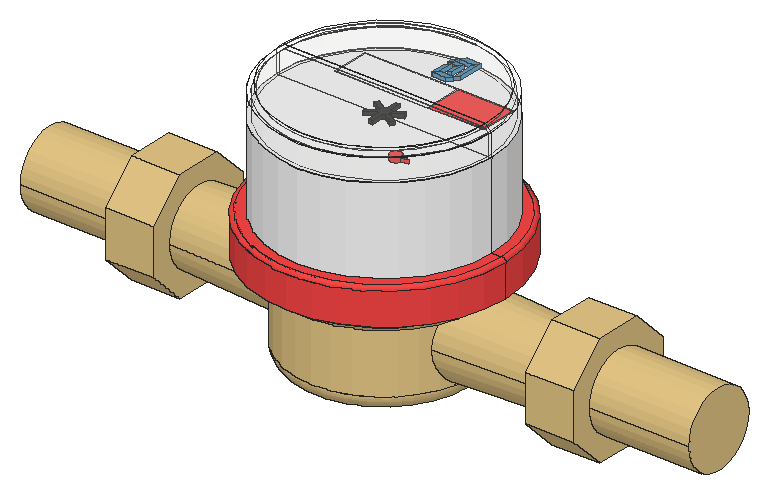
Revit family "DCST_Счетчик водяной бытовой_ВСКМ", category Арматура трубопроводов, Revit 2019
Family settings
  Размер круглого соединителя = Использовать диаметр
  Тип детали = Вставляется
  На основе рабочей плоскости = Нет
  Всегда вертикально = Да
  При загрузке вырезать с полостями = Нет
  Общий = Нет
Parameters (values of type "ВСКМ-15 110 мм")
  УГО_Длина линии = L1  # 27 mm
  УГО_Длина = Монтажная длина - 10 mm + 2 * L2  # 126 mm
  УГО_Высота = УГО_Длина / 2  # 63 mm
  Тип счетчика [instance] = "крыльчатый"  # constant formula
  Тип водоснабжения [instance] = "универсальное"  # constant formula
  Способ присоединения [instance] = "резьбовое"  # constant formula
  Сегмент товаров [instance] = "Бытовые счетчики воды"  # constant formula
  Присоединение к трубопроводу [instance] = size_lookup(LT, "G", "", Диаметр условного прохода, Монтажная длина, ИПД_Код)  # "3/4\""
  Номинальный (рабочий) расход Qn [instance] = size_lookup(LT, "Qn", "", Диаметр условного прохода, Монтажная длина, ИПД_Код)  # "1.5 м3/ч"
  Номинальное давление [instance] = "16 кгс/см²"  # constant formula
  Наименование линейки [instance] = "ВСКМ"  # constant formula
  Мокроходный [instance] = "нет"  # constant formula
  Модификация оборудования [instance] = size_lookup(LT, "", "", Диаметр условного прохода, Монтажная длина, ИПД_Код)  # "ВСКМ-15 (110 мм)"
  Многоструйный [instance] = "нет"  # constant formula
  Минимальный расход Qmin_класс С [instance] = size_lookup(LT, "QminC", "", Диаметр условного прохода, Монтажная длина, ИПД_Код)  # "-"
  Минимальный расход Qmin_класс В [instance] = size_lookup(LT, "QminB", "", Диаметр условного прохода, Монтажная длина, ИПД_Код)  # "0.03 м3/ч"
  Минимальный расход Qmin_класс А [instance] = size_lookup(LT, "QminA", "", Диаметр условного прохода, Монтажная длина, ИПД_Код)  # "0.06 м3/ч"
  Метрологический класс / класс точности [instance] = size_lookup(LT, "MK", "", Диаметр условного прохода, Монтажная длина, ИПД_Код)  # "Класс \"В\""
  Межповерочный интервал [instance] = "6 лет"  # constant formula
  Материал корпуса [instance] = size_lookup(LT, "Mat", "", Диаметр условного прохода, Монтажная длина, ИПД_Код)  # "латунь"
  Максимальный расход Qmax [instance] = size_lookup(LT, "Qmax", "", Диаметр условного прохода, Монтажная длина, ИПД_Код)  # "3 м3/ч"
  Контакты_Разработчик = "support@bimlib.pro"  # constant formula
  Контакты_Производитель = "metronic@decast.com"  # constant formula
  Интерфейс передачи данных [instance] = ♦ : нет
  Изготовитель = "Декаст"  # constant formula
  ИПД_Код [instance] = if(Интерфейс передачи данных = Нет, 0, 1)  # 0
  Геркон = ♦ : импульсный выход (геркон)
  Нет = ♦ : нет
  Диапазон температуры измеряемой среды [instance] = size_lookup(LT, "T", "", Диаметр условного прохода, Монтажная длина, ИПД_Код)  # "от +5 до +95 °C"
  Диаметр условного прохода = 15 mm
  Watermark [instance] = "Модели защищены уникальным кодом"
  URL = "https://www.decast.com/"
  SW = 30 mm
  LT = "ВСКМ"  # constant formula
  L2 = 13 mm
  L1 = 27 mm
  Монтажная длина = 110 mm
  F = 0 mm
  Dm = 20 mm
  D1 = 24 mm
  D = 20 mm
  ADSK_Наименование [instance] = size_lookup(LT, "Name", "Не найдено: счетчик для воды бытовой", Диаметр условного прохода, Монтажная длина, ИПД_Код)  # "Счетчик воды бытовой, монтажная длина 110 мм, Qn=1.5 м3/ч, Qmax=3 м3/ч, G 3/4\""
  ADSK_Масса_Текст = ""
  ADSK_Масса [instance] = size_lookup(LT, "M", 0, Диаметр условного прохода, Монтажная длина, ИПД_Код)  # 0.6
  ADSK_Марка [instance] = size_lookup(LT, "", "", Диаметр условного прохода, Монтажная длина, ИПД_Код)  # "ВСКМ-15 (110 мм)"
  ADSK_Количество = 1  # constant formula
  ADSK_Код изделия [instance] = size_lookup(LT, "Art", "", Диаметр условного прохода, Монтажная длина, ИПД_Код)  # "72-15-243"
  ADSK_Завод-изготовитель = "Декаст"  # constant formula
  ADSK_Единица измерения = "шт."
  ADSK_Диаметр условный = 15 mm
Types (3, lengths in mm): name | УГО_Длина линии | УГО_Длина | УГО_Высота | Присоединение к трубопроводу | Номинальный (рабочий) расход Qn | Модификация оборудования | Минимальный расход Qmin_класс В | Минимальный расход Qmin_класс А | Максимальный расход Qmax | Диаметр условного прохода | SW | L2 | L1 | Монтажная длина | F | Dm | D1 | ADSK_Наименование | ADSK_Масса | ADSK_Марка | ADSK_Код изделия | ADSK_Диаметр условный
  ВСКМ-15 80 мм | 27 | 96 | 48 | "3/4\"" | "1.5 м3/ч" | "ВСКМ-15 (80 мм)" | "0.03 м3/ч" | "0.06 м3/ч" | "3 м3/ч" | 15 | 30 | 13 | 27 | 80 | 0 | 20 | 24 | "Счетчик воды бытовой, монтажная длина 80 мм, Qn=1.5 м3/ч, Qmax=3 м3/ч, G 3/4\"" | 0.5 | "ВСКМ-15 (80 мм)" | "72-15-246" | 15
  ВСКМ-15 110 мм | 27 | 126 | 63 | "3/4\"" | "1.5 м3/ч" | "ВСКМ-15 (110 мм)" | "0.03 м3/ч" | "0.06 м3/ч" | "3 м3/ч" | 15 | 30 | 13 | 27 | 110 | 0 | 20 | 24 | "Счетчик воды бытовой, монтажная длина 110 мм, Qn=1.5 м3/ч, Qmax=3 м3/ч, G 3/4\"" | 0.6 | "ВСКМ-15 (110 мм)" | "72-15-243" | 15
  ВСКМ-20 130 мм | 40 | 154 | 77 | "1\"" | "2.5 м3/ч" | "ВСКМ-20" | "0.05 м3/ч" | "0.1 м3/ч" | "5 м3/ч" | 20 | 35 | 17 | 40 | 130 | 8 | 25 | 20 | "Счетчик воды бытовой, монтажная длина 130 мм, Qn=2.5 м3/ч, Qmax=5 м3/ч, G 1\"" | 0.7 | "ВСКМ-20" | "72-20-243" | 20
Reference planes
  plane 1 "По центру (Вперед/Назад)": y = 0
  plane 2: z = 0
  plane 3 "По центру (Влево/Вправо)": x = 0
  plane 4: x = -55
  plane 5: x = 55
  plane 6: x = -90
  plane 7: x = 90
  plane 8: x = -50
  plane 9: x = -63
  plane 10: x = 50
  plane 11: x = 63
  plane 12: y = 0
Forms (mm)
  Revolve 1, solid, material "Латунь", detail levels fine
    sketch origin (0, 0, 0) x (1, 0, 0) y (0, 0, 1)
      loop
        arc (-24.35, -10.2) -> (-23.178, -13.028) -> (-20.35, -14.2) r 4
        line (-20.35, -14.2) -> (0, -14.2) -> (0, 11.4) -> (-27.673, 11.4) -> (-27.673, 8.387)
        arc (-27.673, 8.387) -> (-27.38, 7.679) -> (-26.673, 7.387) r 1
        line (-26.673, 7.387) -> (-24.35, 7.387) -> (-24.35, -10.2)
      axis (0, -14.2) -> (0, 11.4)
    angle from 0 to 360
  Revolve 2, solid, material "RGB_RAL 3026 (Красный)", detail levels fine
    sketch origin (0, 0, 0) x (1, 0, 0) y (0, 0, 1)
      loop
        line (0, 11.4) -> (0, 21) -> (-31.7, 21)
        arc (-31.7, 21) -> (-32.407, 20.707) -> (-32.7, 20) r 1
        line (-32.7, 20) -> (-32.7, 11.4) -> (0, 11.4)
      axis (0, 11.4) -> (0, 21)
    angle from 0 to 360
  Revolve 3, solid, material "RGB_RAL 9003 (Белый сигнальный)", detail levels fine
    sketch origin (0, 0, 0) x (1, 0, 0) y (0, 0, 1)
      loop
        line (0, 21) -> (29, 21) -> (29, 44) -> (0, 44) -> (0, 21)
      axis (0, 21) -> (0, 44)
    angle from 0 to 360
  Extrusion 4, void
    sketch origin (0, 0, 44) x (0, 1, 0) y (1, 0, 0)
      loop
        line (8.5, -20) -> (18.5, -20) -> (18.5, 20) -> (8.5, 20) -> (8.5, -20)
    from 0 to 1
  Extrusion 5, solid, material "УГО_Белый", detail levels fine
    sketch origin (0, 8.5, 44) x (1, 0, 0) y (0, 1, 0)
      loop
        line (-20, 10) -> (-20, 0) -> (5, 0) -> (5, 10) -> (-20, 10)
    from -1 to 0
  Blend 6, solid, material "Латунь", detail levels fine
    base sketch origin (0, 0, 0) x (0, 1, 0) y (0, 0, 1)
      loop
        circle (0, 0) r 10
    top sketch origin (0, 0, 0) x (0, 1, 0) y (0, 0, 1)
      loop
        circle (0, 0) r 12
    from -50 to -5
  Blend 7, solid, material "Латунь", detail levels fine
    base sketch origin (0, 0, 0) x (0, 1, 0) y (0, 0, -1)
      loop
        circle (0, 0) r 10
    top sketch origin (0, 0, 0) x (0, 1, 0) y (0, 0, -1)
      loop
        circle (0, 0) r 12
    from -50 to -5
  Extrusion 8, solid, material "Латунь", detail levels fine
    sketch origin (0, 0, 0) x (0, 1, 0) y (0, 0, 1)
      loop
        line (-15, -6.213) -> (-6.213, -15) -> (6.213, -15) -> (15, -6.213) -> (15, 6.213) -> (6.213, 15) -> (-6.213, 15) -> (-15, 6.213) -> (-15, -6.213)
    from -63 to -50
  Extrusion 9, solid, material "Латунь", detail levels fine
    sketch origin (0, 0, 0) x (0, 1, 0) y (0, 0, 1)
      loop
        line (-6.213, 15) -> (-15, 6.213) -> (-15, -6.213) -> (-6.213, -15) -> (6.213, -15) -> (15, -6.213) -> (15, 6.213) -> (6.213, 15) -> (-6.213, 15)
    from 50 to 63
  Extrusion 10, solid, material "Латунь", detail levels fine
    sketch origin (0, 0, 0) x (0, 1, 0) y (0, 0, 1)
      loop
        circle (0, 0) r 10
    from -90 to -63
  Extrusion 11, solid, material "Латунь", detail levels fine
    sketch origin (0, 0, 0) x (0, 1, 0) y (0, 0, 1)
      loop
        circle (0, 0) r 10
    from 63 to 90
  Revolve 12, solid, material "Пластик прозрачный", detail levels fine
    sketch origin (0, 0, 0) x (1, 0, 0) y (0, 0, 1)
      loop
        line (-29, 44) -> (-28, 44) -> (-28, 49.6) -> (-27, 50.6) -> (0, 50.6) -> (0, 51.6) -> (-27.414, 51.6) -> (-29, 50.014) -> (-29, 44)
      axis (0, 51.6) -> (0, 44)
    angle from 0 to 360
  Extrusion 13, solid, material "УГО_Черный", detail levels fine
    sketch origin (0, 0, 44) x (1, 0, 0) y (0, 1, 0)
      loop
        line (-0.5, 0.866) -> (-3.647, 2.683) -> (-4.147, 1.817) -> (-1, 0) -> (-4.147, -1.817) -> (-3.647, -2.683) -> (-0.5, -0.866) -> (-0.5, -4.5) -> (0.5, -4.5) -> (0.5, -0.866) -> (3.647, -2.683) -> (4.147, -1.817) -> (1, 0) -> (4.147, 1.817) -> (3.647, 2.683) -> (0.5, 0.866) -> (0.5, 4.5) -> (-0.5, 4.5) -> (-0.5, 0.866)
    from 0 to 1
  Extrusion 14, solid, material "УГО_Черный", detail levels fine
    sketch origin (0, 8.5, 44) x (1, 0, 0) y (0, 1, 0)
      loop
        circle (0, -8.5) r 1.5
    from 0 to 1
  Extrusion 15, solid, material "RGB_RAL 3026 (Красный)", detail levels fine
    sketch origin (0, 8.5, 44) x (1, 0, 0) y (0, 1, 0)
      loop
        arc (14.946, -21.101) -> (12, -21.5) -> (14.946, -21.899) r 1.5
        line (14.946, -21.899) -> (17, -21.5) -> (14.946, -21.101)
    from 0 to 1
  Extrusion 16, solid, material "RGB_RAL 3026 (Красный)", detail levels fine
    sketch origin (25, 8.5, 44) x (1, 0, 0) y (0, 1, 0)
      loop
        line (-20, 10) -> (-20, 0) -> (-5, 0) -> (-5, 10) -> (-20, 10)
    from -1 to 0
Cuts and joins
  Extrusion 4 cuts Revolve 2
  Extrusion 4 cuts Revolve 3
  joined: Revolve 1, Blend 6, Blend 7
  joined: Extrusion 13, Extrusion 14
Lines and regions (mm)
  model lines, detail levels fine
    curve 1: line (-19, 16.5, 44) -> (-16, 16.5, 44)
    curve 2: line (-19, 10.5, 44) -> (-19, 16.5, 44)
    curve 3: line (-16, 10.5, 44) -> (-19, 10.5, 44)
    curve 4: line (-16, 16.5, 44) -> (-16, 10.5, 44)
    curve 5: line (-14, 16.5, 44) -> (-11, 16.5, 44)
    curve 6: line (-14, 10.5, 44) -> (-14, 16.5, 44)
    curve 7: line (-11, 10.5, 44) -> (-14, 10.5, 44)
    curve 8: line (-11, 16.5, 44) -> (-11, 10.5, 44)
    curve 9: line (-9, 16.5, 44) -> (-6, 16.5, 44)
    curve 10: line (-9, 10.5, 44) -> (-9, 16.5, 44)
    curve 11: line (-6, 10.5, 44) -> (-9, 10.5, 44)
    curve 12: line (-6, 16.5, 44) -> (-6, 10.5, 44)
    curve 13: line (-4, 16.5, 44) -> (-1, 16.5, 44)
    curve 14: line (-4, 10.5, 44) -> (-4, 16.5, 44)
    curve 15: line (-1, 10.5, 44) -> (-4, 10.5, 44)
    curve 16: line (-1, 16.5, 44) -> (-1, 10.5, 44)
    curve 17: line (1, 16.5, 44) -> (4, 16.5, 44)
    curve 18: line (1, 10.5, 44) -> (1, 16.5, 44)
    curve 19: line (4, 10.5, 44) -> (1, 10.5, 44)
    curve 20: line (4, 16.5, 44) -> (4, 10.5, 44)
    curve 21: circle (13.5, -13, 44) r 6 normal (0, 0, 1)
    curve 22: line (6, 16.5, 44) -> (9, 16.5, 44)
    curve 23: line (6, 10.5, 44) -> (6, 16.5, 44)
    curve 24: line (9, 10.5, 44) -> (6, 10.5, 44)
    curve 25: line (9, 16.5, 44) -> (9, 10.5, 44)
    curve 26: line (11, 16.5, 44) -> (14, 16.5, 44)
    curve 27: line (11, 10.5, 44) -> (11, 16.5, 44)
    curve 28: line (14, 10.5, 44) -> (11, 10.5, 44)
    curve 29: line (14, 16.5, 44) -> (14, 10.5, 44)
    curve 30: line (16, 16.5, 44) -> (19, 16.5, 44)
    curve 31: line (16, 10.5, 44) -> (16, 16.5, 44)
    curve 32: line (19, 10.5, 44) -> (16, 10.5, 44)
    curve 33: line (19, 16.5, 44) -> (19, 10.5, 44)
Dimensions and locks
  equal spacing: plane 4, plane 3 "По центру (Влево/Вправо)", plane 5
  "Монтажная длина": plane 4 to plane 5
  locked: plane 8 to plane 4 at 5
  locked: plane 10 to plane 5 at 5
  "F": plane 1 "По центру (Вперед/Назад)" to plane 12
  equal spacing: Extrusion 8 sketch curve, level, Extrusion 8 sketch curve
  "SW": Extrusion 8 sketch curve to Extrusion 8 sketch curve  (x4)
  equal spacing: Extrusion 8 sketch curve, plane 1 "По центру (Вперед/Назад)", Extrusion 8 sketch curve  (x3)
  equal spacing: Extrusion 9 sketch curve, level, Extrusion 9 sketch curve
  "SW": Extrusion 9 sketch curve to Extrusion 9 sketch curve  (x4)
  equal spacing: Extrusion 9 sketch curve, plane 1 "По центру (Вперед/Назад)", Extrusion 9 sketch curve  (x3)
  locked: plane 3 "По центру (Влево/Вправо)" to Revolve 1 sketch curve at 24.35
  locked: plane 3 "По центру (Влево/Вправо)" to Revolve 1 sketch curve at 27.673
  locked: level to Revolve 1 sketch curve at 14.2
  locked: Revolve 1 sketch curve to level at 7.387
  locked: Revolve 1 sketch curve to level at 11.4
  locked: Revolve 2 sketch curve to level at 11.4
  locked: Revolve 2 sketch curve to level at 21
  locked: Revolve 3 sketch curve to level at 21
  Revolve 3 sketch curve to level = 44 mm
  locked: Revolve 3 sketch curve to plane 3 "По центру (Влево/Вправо)" at 29
  plane 3 "По центру (Влево/Вправо)" to Revolve 2 sketch curve = 32.7 mm
  "L2": plane 8 to plane 9
  "L2": plane 10 to plane 11
  "L1": plane 6 to plane 9
  "L1": plane 11 to plane 7
  locked: Revolve 12 sketch curve to level at 44
  locked: Revolve 12 sketch curve to level at 50.6
  locked: Revolve 12 sketch curve to level at 51.6
  locked: plane 3 "По центру (Влево/Вправо)" to Revolve 12 sketch curve at 28
  locked: plane 3 "По центру (Влево/Вправо)" to Revolve 12 sketch curve at 29
  plane 3 "По центру (Влево/Вправо)" to curve 21 = 13.5 mm
  locked: curve 21 to plane 1 "По центру (Вперед/Назад)" at 13
  locked: Extrusion 15 sketch curve to plane 1 "По центру (Вперед/Назад)" at 13
  locked: plane 3 "По центру (Влево/Вправо)" to Extrusion 15 sketch curve at 13.5
  "D": diameter of Blend 6 sketch curve
  "D1": diameter of Blend 6 sketch curve
  "D": diameter of Blend 7 sketch curve
  "D1": diameter of Blend 7 sketch curve
  "Dm": diameter of Extrusion 10 sketch curve
  "Dm": diameter of Extrusion 11 sketch curve
  radius of Revolve 1 sketch curve = 4 mm
  radius of Revolve 1 sketch curve = 1 mm
  radius of Revolve 2 sketch curve = 1 mm
  angle Extrusion 8 sketch curve to Extrusion 8 sketch curve = 135.00°  (x8)
  angle Extrusion 9 sketch curve to Extrusion 9 sketch curve = 135.00°  (x8)
  aligned and locked: level to plane 2
  aligned and locked: plane 1 "По центру (Вперед/Назад)" to Blend 6 sketch curve
  aligned and locked: level to Blend 6 sketch curve  (x2)
  aligned and locked: plane 12 to Blend 6 sketch curve
  aligned and locked: Blend 6 to plane 8
  aligned and locked: plane 1 "По центру (Вперед/Назад)" to Blend 7 sketch curve
  aligned and locked: level to Blend 7 sketch curve  (x2)
  aligned and locked: plane 12 to Blend 7 sketch curve
  aligned and locked: Blend 7 to plane 10
  aligned and locked: plane 8 to Extrusion 8
  aligned and locked: Extrusion 8 to plane 9
  aligned and locked: plane 10 to Extrusion 9
  aligned and locked: Extrusion 9 to plane 11
  aligned and locked: plane 1 "По центру (Вперед/Назад)" to Extrusion 10 sketch curve
  aligned and locked: level to Extrusion 10 sketch curve
  aligned and locked: level to Extrusion 11 sketch curve
  aligned and locked: plane 1 "По центру (Вперед/Назад)" to Extrusion 11 sketch curve
  aligned and locked: plane 11 to Extrusion 11
  aligned and locked: Extrusion 11 to plane 7
  aligned and locked: plane 9 to Extrusion 10
  aligned and locked: Extrusion 10 to plane 6
  aligned and locked: plane 3 "По центру (Влево/Вправо)" to nested 1
  aligned and locked: nested 1 to level
  aligned and locked: plane 3 "По центру (Влево/Вправо)" to nested 2
  aligned and locked: plane 1 "По центру (Вперед/Назад)" to nested 2
Automatic sketch dimensions
  Revolve 1 sketch curve to plane 3 "По центру (Влево/Вправо)" = 0 mm  (x2)
  Revolve 1 sketch curve to level = 0 mm
  level to Revolve 1 sketch curve = 2 mm
  Revolve 2 sketch curve to plane 3 "По центру (Влево/Вправо)" = 0 mm  (x2)
  Revolve 2 sketch curve to Revolve 2 sketch curve = 0 mm
  Revolve 2 sketch curve to Revolve 2 sketch curve = 4 mm
  Revolve 3 sketch curve to plane 3 "По центру (Влево/Вправо)" = 0 mm  (x2)
  Revolve 3 sketch curve to Revolve 3 sketch curve = 0.029 mm
  Revolve 3 sketch curve to Revolve 3 sketch curve = 2 mm
  Extrusion 4 sketch curve to Revolve 3 = 8.5 mm
  Extrusion 4 sketch curve to Extrusion 4 sketch curve = 10 mm
  Extrusion 4 sketch curve to Extrusion 4 sketch curve = 40 mm
  Extrusion 5 sketch curve to Revolve 3 = 8.5 mm
  Extrusion 5 sketch curve to Extrusion 5 sketch curve = 25 mm
  Extrusion 5 sketch curve to Extrusion 5 sketch curve = 10 mm
  Revolve 12 sketch curve to plane 3 "По центру (Влево/Вправо)" = 0 mm  (x2)
  Revolve 12 sketch curve to Revolve 12 sketch curve = 0.586 mm
  Revolve 12 sketch curve to Revolve 12 sketch curve = 0.414 mm  (x2)
  Revolve 12 sketch curve to Revolve 12 sketch curve = 1 mm  (x2)
  Revolve 12 sketch curve to Revolve 12 sketch curve = 6.6 mm
  Revolve 3 to Extrusion 13 sketch curve = 0 mm  (x2)
  Revolve 3 to Extrusion 13 sketch curve = 1.817 mm  (x2)
  Extrusion 13 sketch curve to Revolve 3 = 1.817 mm  (x2)
  Extrusion 13 sketch curve to Extrusion 13 sketch curve = 0 mm
  Revolve 3 to Extrusion 13 sketch curve = 2.683 mm  (x2)
  Extrusion 13 sketch curve to Extrusion 13 sketch curve = 0.5 mm  (x2)
  Extrusion 13 sketch curve to Revolve 3 = 2.683 mm  (x2)
  Extrusion 13 sketch curve to Extrusion 13 sketch curve = 3.147 mm  (x3)
  Revolve 3 to Extrusion 13 sketch curve = 0.866 mm
  Extrusion 13 sketch curve to Extrusion 13 sketch curve = 1 mm  (x2)
  Extrusion 13 sketch curve to Extrusion 13 sketch curve = 1.817 mm  (x2)
  Extrusion 14 sketch curve to Extrusion 5 = 5 mm
  Extrusion 5 to Extrusion 14 sketch curve = 8.5 mm
  Extrusion 15 sketch curve to Extrusion 15 sketch curve = 1.446 mm
  Extrusion 15 sketch curve to Extrusion 15 sketch curve = 0 mm
  Extrusion 15 sketch curve to Extrusion 15 sketch curve = 2.054 mm
  Extrusion 15 sketch curve to Extrusion 15 sketch curve = 0.399 mm  (x2)
  Extrusion 16 sketch curve to Revolve 3 = 8.5 mm
  Extrusion 16 sketch curve to Extrusion 16 sketch curve = 15 mm
  Extrusion 16 sketch curve to Extrusion 16 sketch curve = 10 mm
  curve 3 to Extrusion 5 = 1 mm
  curve 2 to curve 3 = 3 mm
  curve 1 to curve 5 = 2 mm
  curve 5 to curve 5 = 3 mm
  curve 5 to curve 9 = 2 mm
  curve 9 to curve 9 = 3 mm
  curve 9 to curve 13 = 2 mm
  curve 13 to curve 13 = 3 mm
  curve 13 to curve 17 = 2 mm
  curve 17 to Extrusion 5 = 1 mm
  Extrusion 5 to curve 22 = 1 mm
  curve 22 to curve 22 = 3 mm
  curve 22 to curve 26 = 2 mm
  curve 26 to curve 26 = 3 mm
  curve 26 to curve 30 = 2 mm
  curve 30 to curve 30 = 3 mm
  curve 33 to Extrusion 5 = 2 mm
  curve 2 to Extrusion 5 = 2 mm
  curve 29 to Extrusion 5 = 2 mm
  curve 3 to curve 6 = 0 mm
  curve 25 to Extrusion 5 = 2 mm
  curve 10 to Extrusion 5 = 2 mm
  curve 20 to Extrusion 5 = 2 mm
  curve 14 to Extrusion 5 = 2 mm  (x2)
  curve 17 to Extrusion 5 = 2 mm
  curve 12 to curve 13 = 0 mm
  curve 22 to Extrusion 5 = 2 mm
  curve 8 to Extrusion 5 = 2 mm
  curve 22 to curve 26 = 0 mm
  curve 4 to curve 5 = 0 mm
  curve 26 to curve 30 = 0 mm
  radius of Extrusion 14 sketch curve = 1.5 mm
  radius of curve 21 = 6 mm
Nested families
  nested 1: "УГО_Водомер" at (0, 0, 0) x (1, 0, 0) z (0, -1, 0), A <- "УГО_Длина", B <- "УГО_Высота", C <- "УГО_Длина линии", type "УГО_Водомер", detail levels coarse+medium
    with C 27 mm, B 63 mm, A 126 mm
  nested 2: "УГО_ЭУ_Водомер (счетчик воды)" at (0, 0, 44), УГО_Длина <- "УГО_Длина", УГО_Длина линии <- "УГО_Длина линии", УГО_Ширина <- "УГО_Высота", type "УГО_ЭУ_Водомер (счетчик воды)", detail levels coarse+medium
    with УГО_Ширина 63 mm, УГО_Длина линии 27 mm, УГО_Длина 126 mm
  nested 3: "Декаст_Лого малое" at (-2.887, 19.5, 44), type "Декаст_Лого малое", detail levels fine
Connectors
  piping at (-90, 0, 0), diameter 15, driven by "ADSK_Диаметр условный"
    settings: on Extrusion 10, index 1, connector inside diameter 609.6 mm, connector length 0 mm, flow factor 0, pipe flow 0.0 L/s, pressure drop 0.0 Pa, fitting loss kfactor 0, connector angle 0.00°, fixture units 0, engagement length 0 mm, angle of deflection 0.00°, flow configuration 0, flow direction 0, fitting loss method 0, system type 29, joint type 0, gender type 0, connector reference index -1, connector utility 0, adjustable connector no, is connector primary yes, connector description ""
  piping at (90, 0, 0), diameter 15, driven by "ADSK_Диаметр условный"
    settings: on Extrusion 11, index 2, connector inside diameter 609.6 mm, connector length 0 mm, flow factor 0, pipe flow 0.0 L/s, pressure drop 0.0 Pa, fitting loss kfactor 0, connector angle 0.00°, fixture units 0, engagement length 0 mm, angle of deflection 0.00°, flow configuration 0, flow direction 0, fitting loss method 0, system type 29, joint type 0, gender type 0, connector reference index -1, connector utility 0, adjustable connector no, is connector primary no, connector description ""
Definition of nested family "УГО_Водомер"
  Parameters (values of type "УГО_Водомер")
    C [instance] = 50 mm
    B [instance] = 100 mm
    A [instance] = 200 mm
  Reference planes
    plane 1 "По центру (Вперед/Назад)": y = 0
    plane 2: z = 0
    plane 3 "По центру (Влево/Вправо)": x = 0
    plane 4: x = -100
    plane 5: x = 100
    plane 6: y = -50
    plane 7: y = 50
    plane 8: x = -150
    plane 9: x = 150
  Forms (mm)
    Extrusion 1, solid
      sketch origin (0, 0, 0) x (1, 0, 0) y (0, 1, 0)
        loop
          line (-100, -50) -> (100, 50) -> (-100, 50) -> (-100, -50)
      from -1 to 1
    Extrusion 2, solid
      sketch origin (0, 0, 0) x (1, 0, 0) y (0, 1, 0)
        loop
          line (-100, -50) -> (100, -50) -> (100, 50) -> (-100, -50)
      from -1 to 1
  Lines and regions (mm)
    model lines
      curve 1: line (100, 0, 0) -> (150, 0, 0)
      curve 2: line (-100, 0, 0) -> (-150, 0, 0)
  Dimensions and locks
    equal spacing: plane 4, plane 3 "По центру (Влево/Вправо)", plane 5
    "A": plane 4 to plane 5
    equal spacing: plane 6, plane 1 "По центру (Вперед/Назад)", plane 7
    "B": plane 6 to plane 7
    "C": plane 8 to plane 4
    equal spacing: plane 8, plane 3 "По центру (Влево/Вправо)", plane 9
    aligned and locked: level to plane 2
    aligned and locked: plane 7 to Extrusion 1 sketch curve
    aligned and locked: plane 6 to Extrusion 1 sketch curve
    aligned and locked: plane 4 to Extrusion 1 sketch curve  (x2)
    aligned and locked: plane 5 to Extrusion 1 sketch curve
    aligned and locked: plane 4 to Extrusion 2 sketch curve
    aligned and locked: Extrusion 2 sketch curve to plane 6
    aligned and locked: plane 7 to Extrusion 2 sketch curve
    aligned and locked: plane 6 to Extrusion 2 sketch curve
    aligned and locked: Extrusion 2 sketch curve to plane 5
    aligned and locked: plane 8 to curve 2
    aligned and locked: plane 4 to curve 2
    aligned and locked: plane 9 to curve 1
    aligned and locked: plane 5 to curve 1
  Automatic sketch dimensions
    plane 1 "По центру (Вперед/Назад)" to curve 1 = 0 mm
    plane 1 "По центру (Вперед/Назад)" to curve 2 = 0 mm
Definition of nested family "Декаст_Лого малое"
  Parameters (values of type "Декаст_Лого малое")
    Default Elevation = 1219.2 mm
  Reference planes
    plane 1 "По центру (Вперед/Назад)": y = 0
    plane 2: z = 0
    plane 3 "По центру (Влево/Вправо)": x = 0
  Forms (mm)
    Extrusion 1, solid
      sketch origin (0, 0, 0) x (1, 0, 0) y (0, 1, 0)
        loop
          line (-1219.2, 1219.2) -> (-1219.2, -1219.2) -> (1219.2, -1219.2) -> (1219.2, 1219.2) -> (-1219.2, 1219.2)
      from 0 to -304.8
    Extrusion 2, solid
      sketch origin (0, 0, 0) x (1, 0, 0) y (0, 1, 0)
        loop
          line (0, 0) -> (3.857, 0) -> (4.936, 1.286) -> (1.079, 1.286) -> (0, 0)
        loop
          line (1.061, 7.891) -> (4.888, 7.891) -> (5.967, 9.176) -> (2.14, 9.176) -> (1.061, 7.891)
        loop
          line (0, 5.34) -> (2.353, 5.34) -> (3.422, 6.613) -> (1.068, 6.613) -> (0, 5.34)
      from 0 to 1
    Extrusion 3, solid
      sketch origin (0, 0, 0) x (1, 0, 0) y (0, 1, 0)
        loop
          line (0, 6.626) -> (0, 5.34) -> (1.061, 6.604) -> (1.061, 7.891) -> (0, 6.626)
        loop
          line (3.422, 6.613) -> (2.353, 5.34) -> (2.353, 2.558) -> (3.422, 2.558) -> (3.422, 6.613)
        loop
          line (0, 0) -> (1.079, 1.286) -> (1.079, 5.34) -> (0, 4.054) -> (0, 0)
        loop
          line (4.911, 1.256) -> (5.966, 2.513) -> (5.966, 9.175) -> (4.911, 7.918) -> (4.911, 1.256)
      from 0 to 1
  Dimensions and locks
    aligned and locked: plane 2 to Extrusion 1
    aligned and locked: level to Extrusion 1
Definition of nested family "УГО_ЭУ_Водомер (счетчик воды)"
  Parameters (values of type "УГО_ЭУ_Водомер (счетчик воды)")
    УГО_Ширина [instance] = 70 mm
    УГО_Длина линии [instance] = 15 mm
    УГО_Длина [instance] = 110 mm
  Reference planes
    plane 1 "По центру (Вперед/Назад)": y = 0
    plane 2: z = 0
    plane 3 "По центру (Влево/Вправо)": x = 0
    plane 4: x = -55
    plane 5: x = 55
    plane 6: y = 35
    plane 7: y = -35
  Lines and regions (mm)
    Filled region 1, type "Сплошная заливка - Черный", in view "Опорный уровень"
      outline origin (0, 0, 0) x (1, 0, 0) y (0, 1, 0)
        loop
          line (55, -35) -> (55, 35) -> (-55, -35) -> (55, -35)
    detail lines, in view "Опорный уровень"
      curve 1: line (-55, -35, 0) -> (-55, 35, 0)
      curve 2: line (-55, 35, 0) -> (55, 35, 0)
      curve 3: line (55, 35, 0) -> (-55, -35, 0)
      curve 4: line (55, -35, 0) -> (55, 35, 0)
      curve 5: line (55, -35, 0) -> (-55, -35, 0)
      curve 6: line (-55, -35, 0) -> (55, 35, 0)
      curve 7: line (55, 0, 0) -> (70, 0, 0)
      curve 8: line (-55, 0, 0) -> (-70, 0, 0)
  Dimensions and locks
    equal spacing: plane 4, plane 3 "По центру (Влево/Вправо)", plane 5
    "УГО_Длина": plane 4 to plane 5
    equal spacing: plane 7, plane 1 "По центру (Вперед/Назад)", plane 6
    "УГО_Ширина": plane 6 to plane 7
    "УГО_Длина линии": plane 5 to curve 7
    "УГО_Длина линии": curve 8 to plane 4
    aligned and locked: curve 2 to plane 6
    aligned and locked: plane 7 to curve 3
    aligned and locked: plane 5 to curve 2
    aligned and locked: curve 4 to plane 5
    aligned and locked: curve 5 to plane 7
    aligned and locked: plane 4 to curve 6
    aligned and locked: plane 6 to curve 6
    aligned and locked: Filled region 1 sketch curve to curve 5
    aligned and locked: Filled region 1 sketch curve to curve 4
    aligned and locked: Filled region 1 sketch curve to curve 6
    aligned and locked: plane 1 "По центру (Вперед/Назад)" to curve 7
    aligned and locked: curve 8 to plane 1 "По центру (Вперед/Назад)"
